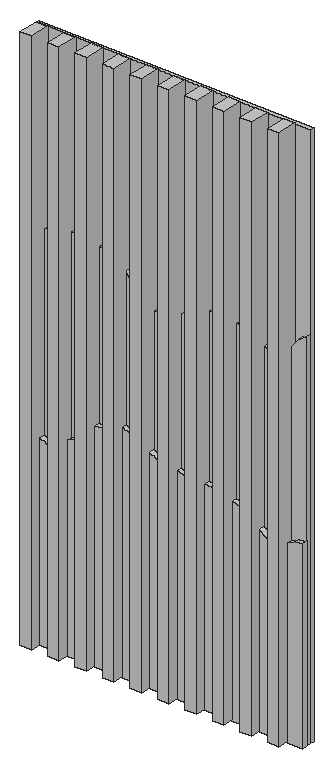
Revit family "MIRAGE_RFA", category Modelos genéricos, Revit 2022 (continued)
Forms (in)
  Extrusion 208, solid, not visible
    from 0 to 96.9361
  Extrusion 209, solid, not visible
    sketch origin (0, 48, 0) x (0, 1, 0) y (0, 0, 1)
      loop
        line (0.42221, 1.66259) -> (0.42231, 0.67354)
        arc (0.42231, 0.67354) -> (0.41009, 0.64403) -> (0.38057, 0.6318) r 0.04174
        line (0.38057, 0.6318) -> (-0.00639, 0.6318) -> (-0.00639, 0.59057) -> (0.8874, 0.59057) -> (0.8874, 0.6318) -> (0.49998, 0.6318)
        arc (0.49998, 0.6318) -> (0.47046, 0.64403) -> (0.45824, 0.67354) r 0.04174
        line (0.45824, 0.67354) -> (0.45834, 1.66259)
        arc (0.45834, 1.66259) -> (0.46543, 1.67969) -> (0.48252, 1.68677) r 0.02418
        line (0.48252, 1.68677) -> (0.52252, 1.68677)
        arc (0.52252, 1.68677) -> (0.55303, 1.69941) -> (0.56566, 1.72991) r 0.04314
        line (0.56566, 1.72991) -> (0.56566, 2.14095)
        arc (0.56566, 2.14095) -> (0.5626, 2.15637) -> (0.55386, 2.16944) r 0.04029
        line (0.55386, 2.16944) -> (0.47053, 2.25277)
        arc (0.47053, 2.25277) -> (0.44027, 2.2653) -> (0.41002, 2.25277) r 0.04279
        line (0.41002, 2.25277) -> (0.32669, 2.16944)
        arc (0.32669, 2.16944) -> (0.31795, 2.15637) -> (0.31489, 2.14095) r 0.04029
        line (0.31489, 2.14095) -> (0.31489, 1.72991)
        arc (0.31489, 1.72991) -> (0.32752, 1.69941) -> (0.35803, 1.68677) r 0.04314
        line (0.35803, 1.68677) -> (0.39803, 1.68677)
        arc (0.39803, 1.68677) -> (0.41512, 1.67969) -> (0.42221, 1.66259) r 0.02418
      loop
        arc (0.33294, 1.7291) -> (0.34005, 1.71194) -> (0.35722, 1.70483) r 0.02428
        line (0.35722, 1.70483) -> (0.39815, 1.70483)
        arc (0.39815, 1.70483) -> (0.42797, 1.69248) -> (0.44023, 1.66266) r 0.04217
        arc (0.44023, 1.66266) -> (0.45258, 1.69248) -> (0.4824, 1.70483) r 0.04217
        line (0.4824, 1.70483) -> (0.52333, 1.70483)
        arc (0.52333, 1.70483) -> (0.54049, 1.71194) -> (0.54761, 1.7291) r 0.02428
        line (0.54761, 1.7291) -> (0.54761, 2.15016) -> (0.45704, 2.24072)
        arc (0.45704, 2.24072) -> (0.44027, 2.24767) -> (0.42351, 2.24072) r 0.02371
        line (0.42351, 2.24072) -> (0.33294, 2.15016) -> (0.33294, 1.7291)
    from 0 to 96.9361
  Extrusion 210, solid, not visible
    sketch origin (0, 72, 0) x (0, 1, 0) y (0, 0, 1)
      loop
        line (0.42221, 1.66259) -> (0.42231, 0.67354)
        arc (0.42231, 0.67354) -> (0.41009, 0.64403) -> (0.38057, 0.6318) r 0.04174
        line (0.38057, 0.6318) -> (-0.00639, 0.6318) -> (-0.00639, 0.59057) -> (0.8874, 0.59057) -> (0.8874, 0.6318) -> (0.49998, 0.6318)
        arc (0.49998, 0.6318) -> (0.47046, 0.64403) -> (0.45824, 0.67354) r 0.04174
        line (0.45824, 0.67354) -> (0.45834, 1.66259)
        arc (0.45834, 1.66259) -> (0.46543, 1.67969) -> (0.48252, 1.68677) r 0.02418
        line (0.48252, 1.68677) -> (0.52252, 1.68677)
        arc (0.52252, 1.68677) -> (0.55303, 1.69941) -> (0.56566, 1.72991) r 0.04314
        line (0.56566, 1.72991) -> (0.56566, 2.14095)
        arc (0.56566, 2.14095) -> (0.5626, 2.15637) -> (0.55386, 2.16944) r 0.04029
        line (0.55386, 2.16944) -> (0.47053, 2.25277)
        arc (0.47053, 2.25277) -> (0.44027, 2.2653) -> (0.41002, 2.25277) r 0.04279
        line (0.41002, 2.25277) -> (0.32669, 2.16944)
        arc (0.32669, 2.16944) -> (0.31795, 2.15637) -> (0.31489, 2.14095) r 0.04029
        line (0.31489, 2.14095) -> (0.31489, 1.72991)
        arc (0.31489, 1.72991) -> (0.32752, 1.69941) -> (0.35803, 1.68677) r 0.04314
        line (0.35803, 1.68677) -> (0.39803, 1.68677)
        arc (0.39803, 1.68677) -> (0.41512, 1.67969) -> (0.42221, 1.66259) r 0.02418
      loop
        arc (0.33294, 1.7291) -> (0.34005, 1.71194) -> (0.35722, 1.70483) r 0.02428
        line (0.35722, 1.70483) -> (0.39815, 1.70483)
        arc (0.39815, 1.70483) -> (0.42797, 1.69248) -> (0.44023, 1.66266) r 0.04217
        arc (0.44023, 1.66266) -> (0.45258, 1.69248) -> (0.4824, 1.70483) r 0.04217
        line (0.4824, 1.70483) -> (0.52333, 1.70483)
        arc (0.52333, 1.70483) -> (0.54049, 1.71194) -> (0.54761, 1.7291) r 0.02428
        line (0.54761, 1.7291) -> (0.54761, 2.15016) -> (0.45704, 2.24072)
        arc (0.45704, 2.24072) -> (0.44027, 2.24767) -> (0.42351, 2.24072) r 0.02371
        line (0.42351, 2.24072) -> (0.33294, 2.15016) -> (0.33294, 1.7291)
    from 0 to 96.9361
  Extrusion 211, solid, not visible
    sketch origin (0, 96, 0) x (0, 1, 0) y (0, 0, 1)
      loop
        line (0.42221, 1.66259) -> (0.42231, 0.67354)
        arc (0.42231, 0.67354) -> (0.41009, 0.64403) -> (0.38057, 0.6318) r 0.04174
        line (0.38057, 0.6318) -> (-0.00639, 0.6318) -> (-0.00639, 0.59057) -> (0.8874, 0.59057) -> (0.8874, 0.6318) -> (0.49998, 0.6318)
        arc (0.49998, 0.6318) -> (0.47046, 0.64403) -> (0.45824, 0.67354) r 0.04174
        line (0.45824, 0.67354) -> (0.45834, 1.66259)
        arc (0.45834, 1.66259) -> (0.46543, 1.67969) -> (0.48252, 1.68677) r 0.02418
        line (0.48252, 1.68677) -> (0.52252, 1.68677)
        arc (0.52252, 1.68677) -> (0.55303, 1.69941) -> (0.56566, 1.72991) r 0.04314
        line (0.56566, 1.72991) -> (0.56566, 2.14095)
        arc (0.56566, 2.14095) -> (0.5626, 2.15637) -> (0.55386, 2.16944) r 0.04029
        line (0.55386, 2.16944) -> (0.47053, 2.25277)
        arc (0.47053, 2.25277) -> (0.44027, 2.2653) -> (0.41002, 2.25277) r 0.04279
        line (0.41002, 2.25277) -> (0.32669, 2.16944)
        arc (0.32669, 2.16944) -> (0.31795, 2.15637) -> (0.31489, 2.14095) r 0.04029
        line (0.31489, 2.14095) -> (0.31489, 1.72991)
        arc (0.31489, 1.72991) -> (0.32752, 1.69941) -> (0.35803, 1.68677) r 0.04314
        line (0.35803, 1.68677) -> (0.39803, 1.68677)
        arc (0.39803, 1.68677) -> (0.41512, 1.67969) -> (0.42221, 1.66259) r 0.02418
      loop
        arc (0.33294, 1.7291) -> (0.34005, 1.71194) -> (0.35722, 1.70483) r 0.02428
        line (0.35722, 1.70483) -> (0.39815, 1.70483)
        arc (0.39815, 1.70483) -> (0.42797, 1.69248) -> (0.44023, 1.66266) r 0.04217
        arc (0.44023, 1.66266) -> (0.45258, 1.69248) -> (0.4824, 1.70483) r 0.04217
        line (0.4824, 1.70483) -> (0.52333, 1.70483)
        arc (0.52333, 1.70483) -> (0.54049, 1.71194) -> (0.54761, 1.7291) r 0.02428
        line (0.54761, 1.7291) -> (0.54761, 2.15016) -> (0.45704, 2.24072)
        arc (0.45704, 2.24072) -> (0.44027, 2.24767) -> (0.42351, 2.24072) r 0.02371
        line (0.42351, 2.24072) -> (0.33294, 2.15016) -> (0.33294, 1.7291)
    from 0 to 96.9361
  Extrusion 212, solid, not visible
    sketch origin (48.02754, 154.90856, 0) x (1, 0, 0) y (0, 0, 1)
      loop
        line (0.42221, 1.66259) -> (0.42231, 0.67354)
        arc (0.42231, 0.67354) -> (0.41009, 0.64403) -> (0.38057, 0.6318) r 0.04174
        line (0.38057, 0.6318) -> (-0.00639, 0.6318) -> (-0.00639, 0.59057) -> (0.8874, 0.59057) -> (0.8874, 0.6318) -> (0.49998, 0.6318)
        arc (0.49998, 0.6318) -> (0.47046, 0.64403) -> (0.45824, 0.67354) r 0.04174
        line (0.45824, 0.67354) -> (0.45834, 1.66259)
        arc (0.45834, 1.66259) -> (0.46543, 1.67969) -> (0.48252, 1.68677) r 0.02418
        line (0.48252, 1.68677) -> (0.52252, 1.68677)
        arc (0.52252, 1.68677) -> (0.55303, 1.69941) -> (0.56566, 1.72991) r 0.04314
        line (0.56566, 1.72991) -> (0.56566, 2.14095)
        arc (0.56566, 2.14095) -> (0.5626, 2.15637) -> (0.55386, 2.16944) r 0.04029
        line (0.55386, 2.16944) -> (0.47053, 2.25277)
        arc (0.47053, 2.25277) -> (0.44027, 2.2653) -> (0.41002, 2.25277) r 0.04279
        line (0.41002, 2.25277) -> (0.32669, 2.16944)
        arc (0.32669, 2.16944) -> (0.31795, 2.15637) -> (0.31489, 2.14095) r 0.04029
        line (0.31489, 2.14095) -> (0.31489, 1.72991)
        arc (0.31489, 1.72991) -> (0.32752, 1.69941) -> (0.35803, 1.68677) r 0.04314
        line (0.35803, 1.68677) -> (0.39803, 1.68677)
        arc (0.39803, 1.68677) -> (0.41512, 1.67969) -> (0.42221, 1.66259) r 0.02418
      loop
        arc (0.33294, 1.7291) -> (0.34005, 1.71194) -> (0.35722, 1.70483) r 0.02428
        line (0.35722, 1.70483) -> (0.39815, 1.70483)
        arc (0.39815, 1.70483) -> (0.42797, 1.69248) -> (0.44023, 1.66266) r 0.04217
        arc (0.44023, 1.66266) -> (0.45258, 1.69248) -> (0.4824, 1.70483) r 0.04217
        line (0.4824, 1.70483) -> (0.52333, 1.70483)
        arc (0.52333, 1.70483) -> (0.54049, 1.71194) -> (0.54761, 1.7291) r 0.02428
        line (0.54761, 1.7291) -> (0.54761, 2.15016) -> (0.45704, 2.24072)
        arc (0.45704, 2.24072) -> (0.44027, 2.24767) -> (0.42351, 2.24072) r 0.02371
        line (0.42351, 2.24072) -> (0.33294, 2.15016) -> (0.33294, 1.7291)
    from 58.93614 to 81.99864
  Extrusion 213, solid, not visible
    sketch origin (72.02767, 154.90856, 0) x (1, 0, 0) y (0, 0, 1)
      loop
        line (0.42221, 1.66259) -> (0.42231, 0.67354)
        arc (0.42231, 0.67354) -> (0.41009, 0.64403) -> (0.38057, 0.6318) r 0.04174
        line (0.38057, 0.6318) -> (-0.00639, 0.6318) -> (-0.00639, 0.59057) -> (0.8874, 0.59057) -> (0.8874, 0.6318) -> (0.49998, 0.6318)
        arc (0.49998, 0.6318) -> (0.47046, 0.64403) -> (0.45824, 0.67354) r 0.04174
        line (0.45824, 0.67354) -> (0.45834, 1.66259)
        arc (0.45834, 1.66259) -> (0.46543, 1.67969) -> (0.48252, 1.68677) r 0.02418
        line (0.48252, 1.68677) -> (0.52252, 1.68677)
        arc (0.52252, 1.68677) -> (0.55303, 1.69941) -> (0.56566, 1.72991) r 0.04314
        line (0.56566, 1.72991) -> (0.56566, 2.14095)
        arc (0.56566, 2.14095) -> (0.5626, 2.15637) -> (0.55386, 2.16944) r 0.04029
        line (0.55386, 2.16944) -> (0.47053, 2.25277)
        arc (0.47053, 2.25277) -> (0.44027, 2.2653) -> (0.41002, 2.25277) r 0.04279
        line (0.41002, 2.25277) -> (0.32669, 2.16944)
        arc (0.32669, 2.16944) -> (0.31795, 2.15637) -> (0.31489, 2.14095) r 0.04029
        line (0.31489, 2.14095) -> (0.31489, 1.72991)
        arc (0.31489, 1.72991) -> (0.32752, 1.69941) -> (0.35803, 1.68677) r 0.04314
        line (0.35803, 1.68677) -> (0.39803, 1.68677)
        arc (0.39803, 1.68677) -> (0.41512, 1.67969) -> (0.42221, 1.66259) r 0.02418
      loop
        arc (0.33294, 1.7291) -> (0.34005, 1.71194) -> (0.35722, 1.70483) r 0.02428
        line (0.35722, 1.70483) -> (0.39815, 1.70483)
        arc (0.39815, 1.70483) -> (0.42797, 1.69248) -> (0.44023, 1.66266) r 0.04217
        arc (0.44023, 1.66266) -> (0.45258, 1.69248) -> (0.4824, 1.70483) r 0.04217
        line (0.4824, 1.70483) -> (0.52333, 1.70483)
        arc (0.52333, 1.70483) -> (0.54049, 1.71194) -> (0.54761, 1.7291) r 0.02428
        line (0.54761, 1.7291) -> (0.54761, 2.15016) -> (0.45704, 2.24072)
        arc (0.45704, 2.24072) -> (0.44027, 2.24767) -> (0.42351, 2.24072) r 0.02371
        line (0.42351, 2.24072) -> (0.33294, 2.15016) -> (0.33294, 1.7291)
    from 58.93614 to 81.99864
  Extrusion 214, solid, not visible
    sketch origin (96.02767, 154.90856, 0) x (1, 0, 0) y (0, 0, 1)
      loop
        line (0.42221, 1.66259) -> (0.42231, 0.67354)
        arc (0.42231, 0.67354) -> (0.41009, 0.64403) -> (0.38057, 0.6318) r 0.04174
        line (0.38057, 0.6318) -> (-0.00639, 0.6318) -> (-0.00639, 0.59057) -> (0.8874, 0.59057) -> (0.8874, 0.6318) -> (0.49998, 0.6318)
        arc (0.49998, 0.6318) -> (0.47046, 0.64403) -> (0.45824, 0.67354) r 0.04174
        line (0.45824, 0.67354) -> (0.45834, 1.66259)
        arc (0.45834, 1.66259) -> (0.46543, 1.67969) -> (0.48252, 1.68677) r 0.02418
        line (0.48252, 1.68677) -> (0.52252, 1.68677)
        arc (0.52252, 1.68677) -> (0.55303, 1.69941) -> (0.56566, 1.72991) r 0.04314
        line (0.56566, 1.72991) -> (0.56566, 2.14095)
        arc (0.56566, 2.14095) -> (0.5626, 2.15637) -> (0.55386, 2.16944) r 0.04029
        line (0.55386, 2.16944) -> (0.47053, 2.25277)
        arc (0.47053, 2.25277) -> (0.44027, 2.2653) -> (0.41002, 2.25277) r 0.04279
        line (0.41002, 2.25277) -> (0.32669, 2.16944)
        arc (0.32669, 2.16944) -> (0.31795, 2.15637) -> (0.31489, 2.14095) r 0.04029
        line (0.31489, 2.14095) -> (0.31489, 1.72991)
        arc (0.31489, 1.72991) -> (0.32752, 1.69941) -> (0.35803, 1.68677) r 0.04314
        line (0.35803, 1.68677) -> (0.39803, 1.68677)
        arc (0.39803, 1.68677) -> (0.41512, 1.67969) -> (0.42221, 1.66259) r 0.02418
      loop
        arc (0.33294, 1.7291) -> (0.34005, 1.71194) -> (0.35722, 1.70483) r 0.02428
        line (0.35722, 1.70483) -> (0.39815, 1.70483)
        arc (0.39815, 1.70483) -> (0.42797, 1.69248) -> (0.44023, 1.66266) r 0.04217
        arc (0.44023, 1.66266) -> (0.45258, 1.69248) -> (0.4824, 1.70483) r 0.04217
        line (0.4824, 1.70483) -> (0.52333, 1.70483)
        arc (0.52333, 1.70483) -> (0.54049, 1.71194) -> (0.54761, 1.7291) r 0.02428
        line (0.54761, 1.7291) -> (0.54761, 2.15016) -> (0.45704, 2.24072)
        arc (0.45704, 2.24072) -> (0.44027, 2.24767) -> (0.42351, 2.24072) r 0.02371
        line (0.42351, 2.24072) -> (0.33294, 2.15016) -> (0.33294, 1.7291)
    from 58.93614 to 81.99864
  Extrusion 215, solid, not visible
    sketch origin (24.02767, 154.90856, 0) x (1, 0, 0) y (0, 0, 1)
      loop
        line (0.42221, 1.66259) -> (0.42231, 0.67354)
        arc (0.42231, 0.67354) -> (0.41009, 0.64403) -> (0.38057, 0.6318) r 0.04174
        line (0.38057, 0.6318) -> (-0.00639, 0.6318) -> (-0.00639, 0.59057) -> (0.8874, 0.59057) -> (0.8874, 0.6318) -> (0.49998, 0.6318)
        arc (0.49998, 0.6318) -> (0.47046, 0.64403) -> (0.45824, 0.67354) r 0.04174
        line (0.45824, 0.67354) -> (0.45834, 1.66259)
        arc (0.45834, 1.66259) -> (0.46543, 1.67969) -> (0.48252, 1.68677) r 0.02418
        line (0.48252, 1.68677) -> (0.52252, 1.68677)
        arc (0.52252, 1.68677) -> (0.55303, 1.69941) -> (0.56566, 1.72991) r 0.04314
        line (0.56566, 1.72991) -> (0.56566, 2.14095)
        arc (0.56566, 2.14095) -> (0.5626, 2.15637) -> (0.55386, 2.16944) r 0.04029
        line (0.55386, 2.16944) -> (0.47053, 2.25277)
        arc (0.47053, 2.25277) -> (0.44027, 2.2653) -> (0.41002, 2.25277) r 0.04279
        line (0.41002, 2.25277) -> (0.32669, 2.16944)
        arc (0.32669, 2.16944) -> (0.31795, 2.15637) -> (0.31489, 2.14095) r 0.04029
        line (0.31489, 2.14095) -> (0.31489, 1.72991)
        arc (0.31489, 1.72991) -> (0.32752, 1.69941) -> (0.35803, 1.68677) r 0.04314
        line (0.35803, 1.68677) -> (0.39803, 1.68677)
        arc (0.39803, 1.68677) -> (0.41512, 1.67969) -> (0.42221, 1.66259) r 0.02418
      loop
        arc (0.33294, 1.7291) -> (0.34005, 1.71194) -> (0.35722, 1.70483) r 0.02428
        line (0.35722, 1.70483) -> (0.39815, 1.70483)
        arc (0.39815, 1.70483) -> (0.42797, 1.69248) -> (0.44023, 1.66266) r 0.04217
        arc (0.44023, 1.66266) -> (0.45258, 1.69248) -> (0.4824, 1.70483) r 0.04217
        line (0.4824, 1.70483) -> (0.52333, 1.70483)
        arc (0.52333, 1.70483) -> (0.54049, 1.71194) -> (0.54761, 1.7291) r 0.02428
        line (0.54761, 1.7291) -> (0.54761, 2.15016) -> (0.45704, 2.24072)
        arc (0.45704, 2.24072) -> (0.44027, 2.24767) -> (0.42351, 2.24072) r 0.02371
        line (0.42351, 2.24072) -> (0.33294, 2.15016) -> (0.33294, 1.7291)
    from 58.93614 to 81.99864
  Extrusion 216, solid, not visible
    sketch origin (0.02767, 154.90856, 0) x (1, 0, 0) y (0, 0, 1)
      loop
        line (0.42221, 1.66259) -> (0.42231, 0.67354)
        arc (0.42231, 0.67354) -> (0.41009, 0.64403) -> (0.38057, 0.6318) r 0.04174
        line (0.38057, 0.6318) -> (-0.00639, 0.6318) -> (-0.00639, 0.59057) -> (0.8874, 0.59057) -> (0.8874, 0.6318) -> (0.49998, 0.6318)
        arc (0.49998, 0.6318) -> (0.47046, 0.64403) -> (0.45824, 0.67354) r 0.04174
        line (0.45824, 0.67354) -> (0.45834, 1.66259)
        arc (0.45834, 1.66259) -> (0.46543, 1.67969) -> (0.48252, 1.68677) r 0.02418
        line (0.48252, 1.68677) -> (0.52252, 1.68677)
        arc (0.52252, 1.68677) -> (0.55303, 1.69941) -> (0.56566, 1.72991) r 0.04314
        line (0.56566, 1.72991) -> (0.56566, 2.14095)
        arc (0.56566, 2.14095) -> (0.5626, 2.15637) -> (0.55386, 2.16944) r 0.04029
        line (0.55386, 2.16944) -> (0.47053, 2.25277)
        arc (0.47053, 2.25277) -> (0.44027, 2.2653) -> (0.41002, 2.25277) r 0.04279
        line (0.41002, 2.25277) -> (0.32669, 2.16944)
        arc (0.32669, 2.16944) -> (0.31795, 2.15637) -> (0.31489, 2.14095) r 0.04029
        line (0.31489, 2.14095) -> (0.31489, 1.72991)
        arc (0.31489, 1.72991) -> (0.32752, 1.69941) -> (0.35803, 1.68677) r 0.04314
        line (0.35803, 1.68677) -> (0.39803, 1.68677)
        arc (0.39803, 1.68677) -> (0.41512, 1.67969) -> (0.42221, 1.66259) r 0.02418
      loop
        arc (0.33294, 1.7291) -> (0.34005, 1.71194) -> (0.35722, 1.70483) r 0.02428
        line (0.35722, 1.70483) -> (0.39815, 1.70483)
        arc (0.39815, 1.70483) -> (0.42797, 1.69248) -> (0.44023, 1.66266) r 0.04217
        arc (0.44023, 1.66266) -> (0.45258, 1.69248) -> (0.4824, 1.70483) r 0.04217
        line (0.4824, 1.70483) -> (0.52333, 1.70483)
        arc (0.52333, 1.70483) -> (0.54049, 1.71194) -> (0.54761, 1.7291) r 0.02428
        line (0.54761, 1.7291) -> (0.54761, 2.15016) -> (0.45704, 2.24072)
        arc (0.45704, 2.24072) -> (0.44027, 2.24767) -> (0.42351, 2.24072) r 0.02371
        line (0.42351, 2.24072) -> (0.33294, 2.15016) -> (0.33294, 1.7291)
    from 58.93614 to 81.99864
  Extrusion 217, solid, not visible
    sketch origin (48.02754, 130.90855, 0) x (1, 0, 0) y (0, 0, 1)
      loop
        line (0.42221, 1.66259) -> (0.42231, 0.67354)
        arc (0.42231, 0.67354) -> (0.41009, 0.64403) -> (0.38057, 0.6318) r 0.04174
        line (0.38057, 0.6318) -> (-0.00639, 0.6318) -> (-0.00639, 0.59057) -> (0.8874, 0.59057) -> (0.8874, 0.6318) -> (0.49998, 0.6318)
        arc (0.49998, 0.6318) -> (0.47046, 0.64403) -> (0.45824, 0.67354) r 0.04174
        line (0.45824, 0.67354) -> (0.45834, 1.66259)
        arc (0.45834, 1.66259) -> (0.46543, 1.67969) -> (0.48252, 1.68677) r 0.02418
        line (0.48252, 1.68677) -> (0.52252, 1.68677)
        arc (0.52252, 1.68677) -> (0.55303, 1.69941) -> (0.56566, 1.72991) r 0.04314
        line (0.56566, 1.72991) -> (0.56566, 2.14095)
        arc (0.56566, 2.14095) -> (0.5626, 2.15637) -> (0.55386, 2.16944) r 0.04029
        line (0.55386, 2.16944) -> (0.47053, 2.25277)
        arc (0.47053, 2.25277) -> (0.44027, 2.2653) -> (0.41002, 2.25277) r 0.04279
        line (0.41002, 2.25277) -> (0.32669, 2.16944)
        arc (0.32669, 2.16944) -> (0.31795, 2.15637) -> (0.31489, 2.14095) r 0.04029
        line (0.31489, 2.14095) -> (0.31489, 1.72991)
        arc (0.31489, 1.72991) -> (0.32752, 1.69941) -> (0.35803, 1.68677) r 0.04314
        line (0.35803, 1.68677) -> (0.39803, 1.68677)
        arc (0.39803, 1.68677) -> (0.41512, 1.67969) -> (0.42221, 1.66259) r 0.02418
      loop
        arc (0.33294, 1.7291) -> (0.34005, 1.71194) -> (0.35722, 1.70483) r 0.02428
        line (0.35722, 1.70483) -> (0.39815, 1.70483)
        arc (0.39815, 1.70483) -> (0.42797, 1.69248) -> (0.44023, 1.66266) r 0.04217
        arc (0.44023, 1.66266) -> (0.45258, 1.69248) -> (0.4824, 1.70483) r 0.04217
        line (0.4824, 1.70483) -> (0.52333, 1.70483)
        arc (0.52333, 1.70483) -> (0.54049, 1.71194) -> (0.54761, 1.7291) r 0.02428
        line (0.54761, 1.7291) -> (0.54761, 2.15016) -> (0.45704, 2.24072)
        arc (0.45704, 2.24072) -> (0.44027, 2.24767) -> (0.42351, 2.24072) r 0.02371
        line (0.42351, 2.24072) -> (0.33294, 2.15016) -> (0.33294, 1.7291)
    from 58.93614 to 81.99864
  Extrusion 218, solid, not visible
    sketch origin (72.02767, 130.90855, 0) x (1, 0, 0) y (0, 0, 1)
      loop
        line (0.42221, 1.66259) -> (0.42231, 0.67354)
        arc (0.42231, 0.67354) -> (0.41009, 0.64403) -> (0.38057, 0.6318) r 0.04174
        line (0.38057, 0.6318) -> (-0.00639, 0.6318) -> (-0.00639, 0.59057) -> (0.8874, 0.59057) -> (0.8874, 0.6318) -> (0.49998, 0.6318)
        arc (0.49998, 0.6318) -> (0.47046, 0.64403) -> (0.45824, 0.67354) r 0.04174
        line (0.45824, 0.67354) -> (0.45834, 1.66259)
        arc (0.45834, 1.66259) -> (0.46543, 1.67969) -> (0.48252, 1.68677) r 0.02418
        line (0.48252, 1.68677) -> (0.52252, 1.68677)
        arc (0.52252, 1.68677) -> (0.55303, 1.69941) -> (0.56566, 1.72991) r 0.04314
        line (0.56566, 1.72991) -> (0.56566, 2.14095)
        arc (0.56566, 2.14095) -> (0.5626, 2.15637) -> (0.55386, 2.16944) r 0.04029
        line (0.55386, 2.16944) -> (0.47053, 2.25277)
        arc (0.47053, 2.25277) -> (0.44027, 2.2653) -> (0.41002, 2.25277) r 0.04279
        line (0.41002, 2.25277) -> (0.32669, 2.16944)
        arc (0.32669, 2.16944) -> (0.31795, 2.15637) -> (0.31489, 2.14095) r 0.04029
        line (0.31489, 2.14095) -> (0.31489, 1.72991)
        arc (0.31489, 1.72991) -> (0.32752, 1.69941) -> (0.35803, 1.68677) r 0.04314
        line (0.35803, 1.68677) -> (0.39803, 1.68677)
        arc (0.39803, 1.68677) -> (0.41512, 1.67969) -> (0.42221, 1.66259) r 0.02418
      loop
        arc (0.33294, 1.7291) -> (0.34005, 1.71194) -> (0.35722, 1.70483) r 0.02428
        line (0.35722, 1.70483) -> (0.39815, 1.70483)
        arc (0.39815, 1.70483) -> (0.42797, 1.69248) -> (0.44023, 1.66266) r 0.04217
        arc (0.44023, 1.66266) -> (0.45258, 1.69248) -> (0.4824, 1.70483) r 0.04217
        line (0.4824, 1.70483) -> (0.52333, 1.70483)
        arc (0.52333, 1.70483) -> (0.54049, 1.71194) -> (0.54761, 1.7291) r 0.02428
        line (0.54761, 1.7291) -> (0.54761, 2.15016) -> (0.45704, 2.24072)
        arc (0.45704, 2.24072) -> (0.44027, 2.24767) -> (0.42351, 2.24072) r 0.02371
        line (0.42351, 2.24072) -> (0.33294, 2.15016) -> (0.33294, 1.7291)
    from 58.93614 to 81.99864
  Extrusion 219, solid, not visible
    sketch origin (96.02767, 130.90855, 0) x (1, 0, 0) y (0, 0, 1)
      loop
        line (0.42221, 1.66259) -> (0.42231, 0.67354)
        arc (0.42231, 0.67354) -> (0.41009, 0.64403) -> (0.38057, 0.6318) r 0.04174
        line (0.38057, 0.6318) -> (-0.00639, 0.6318) -> (-0.00639, 0.59057) -> (0.8874, 0.59057) -> (0.8874, 0.6318) -> (0.49998, 0.6318)
        arc (0.49998, 0.6318) -> (0.47046, 0.64403) -> (0.45824, 0.67354) r 0.04174
        line (0.45824, 0.67354) -> (0.45834, 1.66259)
        arc (0.45834, 1.66259) -> (0.46543, 1.67969) -> (0.48252, 1.68677) r 0.02418
        line (0.48252, 1.68677) -> (0.52252, 1.68677)
        arc (0.52252, 1.68677) -> (0.55303, 1.69941) -> (0.56566, 1.72991) r 0.04314
        line (0.56566, 1.72991) -> (0.56566, 2.14095)
        arc (0.56566, 2.14095) -> (0.5626, 2.15637) -> (0.55386, 2.16944) r 0.04029
        line (0.55386, 2.16944) -> (0.47053, 2.25277)
        arc (0.47053, 2.25277) -> (0.44027, 2.2653) -> (0.41002, 2.25277) r 0.04279
        line (0.41002, 2.25277) -> (0.32669, 2.16944)
        arc (0.32669, 2.16944) -> (0.31795, 2.15637) -> (0.31489, 2.14095) r 0.04029
        line (0.31489, 2.14095) -> (0.31489, 1.72991)
        arc (0.31489, 1.72991) -> (0.32752, 1.69941) -> (0.35803, 1.68677) r 0.04314
        line (0.35803, 1.68677) -> (0.39803, 1.68677)
        arc (0.39803, 1.68677) -> (0.41512, 1.67969) -> (0.42221, 1.66259) r 0.02418
      loop
        arc (0.33294, 1.7291) -> (0.34005, 1.71194) -> (0.35722, 1.70483) r 0.02428
        line (0.35722, 1.70483) -> (0.39815, 1.70483)
        arc (0.39815, 1.70483) -> (0.42797, 1.69248) -> (0.44023, 1.66266) r 0.04217
        arc (0.44023, 1.66266) -> (0.45258, 1.69248) -> (0.4824, 1.70483) r 0.04217
        line (0.4824, 1.70483) -> (0.52333, 1.70483)
        arc (0.52333, 1.70483) -> (0.54049, 1.71194) -> (0.54761, 1.7291) r 0.02428
        line (0.54761, 1.7291) -> (0.54761, 2.15016) -> (0.45704, 2.24072)
        arc (0.45704, 2.24072) -> (0.44027, 2.24767) -> (0.42351, 2.24072) r 0.02371
        line (0.42351, 2.24072) -> (0.33294, 2.15016) -> (0.33294, 1.7291)
    from 58.93614 to 81.99864
  Extrusion 220, solid, not visible
    sketch origin (24.02767, 130.90855, 0) x (1, 0, 0) y (0, 0, 1)
      loop
        line (0.42221, 1.66259) -> (0.42231, 0.67354)
        arc (0.42231, 0.67354) -> (0.41009, 0.64403) -> (0.38057, 0.6318) r 0.04174
        line (0.38057, 0.6318) -> (-0.00639, 0.6318) -> (-0.00639, 0.59057) -> (0.8874, 0.59057) -> (0.8874, 0.6318) -> (0.49998, 0.6318)
        arc (0.49998, 0.6318) -> (0.47046, 0.64403) -> (0.45824, 0.67354) r 0.04174
        line (0.45824, 0.67354) -> (0.45834, 1.66259)
        arc (0.45834, 1.66259) -> (0.46543, 1.67969) -> (0.48252, 1.68677) r 0.02418
        line (0.48252, 1.68677) -> (0.52252, 1.68677)
        arc (0.52252, 1.68677) -> (0.55303, 1.69941) -> (0.56566, 1.72991) r 0.04314
        line (0.56566, 1.72991) -> (0.56566, 2.14095)
        arc (0.56566, 2.14095) -> (0.5626, 2.15637) -> (0.55386, 2.16944) r 0.04029
        line (0.55386, 2.16944) -> (0.47053, 2.25277)
        arc (0.47053, 2.25277) -> (0.44027, 2.2653) -> (0.41002, 2.25277) r 0.04279
        line (0.41002, 2.25277) -> (0.32669, 2.16944)
        arc (0.32669, 2.16944) -> (0.31795, 2.15637) -> (0.31489, 2.14095) r 0.04029
        line (0.31489, 2.14095) -> (0.31489, 1.72991)
        arc (0.31489, 1.72991) -> (0.32752, 1.69941) -> (0.35803, 1.68677) r 0.04314
        line (0.35803, 1.68677) -> (0.39803, 1.68677)
        arc (0.39803, 1.68677) -> (0.41512, 1.67969) -> (0.42221, 1.66259) r 0.02418
      loop
        arc (0.33294, 1.7291) -> (0.34005, 1.71194) -> (0.35722, 1.70483) r 0.02428
        line (0.35722, 1.70483) -> (0.39815, 1.70483)
        arc (0.39815, 1.70483) -> (0.42797, 1.69248) -> (0.44023, 1.66266) r 0.04217
        arc (0.44023, 1.66266) -> (0.45258, 1.69248) -> (0.4824, 1.70483) r 0.04217
        line (0.4824, 1.70483) -> (0.52333, 1.70483)
        arc (0.52333, 1.70483) -> (0.54049, 1.71194) -> (0.54761, 1.7291) r 0.02428
        line (0.54761, 1.7291) -> (0.54761, 2.15016) -> (0.45704, 2.24072)
        arc (0.45704, 2.24072) -> (0.44027, 2.24767) -> (0.42351, 2.24072) r 0.02371
        line (0.42351, 2.24072) -> (0.33294, 2.15016) -> (0.33294, 1.7291)
    from 58.93614 to 81.99864
  Extrusion 221, solid, not visible
    sketch origin (0.02767, 130.90855, 0) x (1, 0, 0) y (0, 0, 1)
      loop
        line (0.42221, 1.66259) -> (0.42231, 0.67354)
        arc (0.42231, 0.67354) -> (0.41009, 0.64403) -> (0.38057, 0.6318) r 0.04174
        line (0.38057, 0.6318) -> (-0.00639, 0.6318) -> (-0.00639, 0.59057) -> (0.8874, 0.59057) -> (0.8874, 0.6318) -> (0.49998, 0.6318)
        arc (0.49998, 0.6318) -> (0.47046, 0.64403) -> (0.45824, 0.67354) r 0.04174
        line (0.45824, 0.67354) -> (0.45834, 1.66259)
        arc (0.45834, 1.66259) -> (0.46543, 1.67969) -> (0.48252, 1.68677) r 0.02418
        line (0.48252, 1.68677) -> (0.52252, 1.68677)
        arc (0.52252, 1.68677) -> (0.55303, 1.69941) -> (0.56566, 1.72991) r 0.04314
        line (0.56566, 1.72991) -> (0.56566, 2.14095)
        arc (0.56566, 2.14095) -> (0.5626, 2.15637) -> (0.55386, 2.16944) r 0.04029
        line (0.55386, 2.16944) -> (0.47053, 2.25277)
        arc (0.47053, 2.25277) -> (0.44027, 2.2653) -> (0.41002, 2.25277) r 0.04279
        line (0.41002, 2.25277) -> (0.32669, 2.16944)
        arc (0.32669, 2.16944) -> (0.31795, 2.15637) -> (0.31489, 2.14095) r 0.04029
        line (0.31489, 2.14095) -> (0.31489, 1.72991)
        arc (0.31489, 1.72991) -> (0.32752, 1.69941) -> (0.35803, 1.68677) r 0.04314
        line (0.35803, 1.68677) -> (0.39803, 1.68677)
        arc (0.39803, 1.68677) -> (0.41512, 1.67969) -> (0.42221, 1.66259) r 0.02418
      loop
        arc (0.33294, 1.7291) -> (0.34005, 1.71194) -> (0.35722, 1.70483) r 0.02428
        line (0.35722, 1.70483) -> (0.39815, 1.70483)
        arc (0.39815, 1.70483) -> (0.42797, 1.69248) -> (0.44023, 1.66266) r 0.04217
        arc (0.44023, 1.66266) -> (0.45258, 1.69248) -> (0.4824, 1.70483) r 0.04217
        line (0.4824, 1.70483) -> (0.52333, 1.70483)
        arc (0.52333, 1.70483) -> (0.54049, 1.71194) -> (0.54761, 1.7291) r 0.02428
        line (0.54761, 1.7291) -> (0.54761, 2.15016) -> (0.45704, 2.24072)
        arc (0.45704, 2.24072) -> (0.44027, 2.24767) -> (0.42351, 2.24072) r 0.02371
        line (0.42351, 2.24072) -> (0.33294, 2.15016) -> (0.33294, 1.7291)
    from 58.93614 to 81.99864
  Extrusion 222, solid, not visible
    sketch origin (48.02754, 106.90856, 0) x (1, 0, 0) y (0, 0, 1)
      loop
        line (0.42221, 1.66259) -> (0.42231, 0.67354)
        arc (0.42231, 0.67354) -> (0.41009, 0.64403) -> (0.38057, 0.6318) r 0.04174
        line (0.38057, 0.6318) -> (-0.00639, 0.6318) -> (-0.00639, 0.59057) -> (0.8874, 0.59057) -> (0.8874, 0.6318) -> (0.49998, 0.6318)
        arc (0.49998, 0.6318) -> (0.47046, 0.64403) -> (0.45824, 0.67354) r 0.04174
        line (0.45824, 0.67354) -> (0.45834, 1.66259)
        arc (0.45834, 1.66259) -> (0.46543, 1.67969) -> (0.48252, 1.68677) r 0.02418
        line (0.48252, 1.68677) -> (0.52252, 1.68677)
        arc (0.52252, 1.68677) -> (0.55303, 1.69941) -> (0.56566, 1.72991) r 0.04314
        line (0.56566, 1.72991) -> (0.56566, 2.14095)
        arc (0.56566, 2.14095) -> (0.5626, 2.15637) -> (0.55386, 2.16944) r 0.04029
        line (0.55386, 2.16944) -> (0.47053, 2.25277)
        arc (0.47053, 2.25277) -> (0.44027, 2.2653) -> (0.41002, 2.25277) r 0.04279
        line (0.41002, 2.25277) -> (0.32669, 2.16944)
        arc (0.32669, 2.16944) -> (0.31795, 2.15637) -> (0.31489, 2.14095) r 0.04029
        line (0.31489, 2.14095) -> (0.31489, 1.72991)
        arc (0.31489, 1.72991) -> (0.32752, 1.69941) -> (0.35803, 1.68677) r 0.04314
        line (0.35803, 1.68677) -> (0.39803, 1.68677)
        arc (0.39803, 1.68677) -> (0.41512, 1.67969) -> (0.42221, 1.66259) r 0.02418
      loop
        arc (0.33294, 1.7291) -> (0.34005, 1.71194) -> (0.35722, 1.70483) r 0.02428
        line (0.35722, 1.70483) -> (0.39815, 1.70483)
        arc (0.39815, 1.70483) -> (0.42797, 1.69248) -> (0.44023, 1.66266) r 0.04217
        arc (0.44023, 1.66266) -> (0.45258, 1.69248) -> (0.4824, 1.70483) r 0.04217
        line (0.4824, 1.70483) -> (0.52333, 1.70483)
        arc (0.52333, 1.70483) -> (0.54049, 1.71194) -> (0.54761, 1.7291) r 0.02428
        line (0.54761, 1.7291) -> (0.54761, 2.15016) -> (0.45704, 2.24072)
        arc (0.45704, 2.24072) -> (0.44027, 2.24767) -> (0.42351, 2.24072) r 0.02371
        line (0.42351, 2.24072) -> (0.33294, 2.15016) -> (0.33294, 1.7291)
    from 58.93614 to 81.99864
  Extrusion 223, solid, not visible
    sketch origin (72.02767, 106.90856, 0) x (1, 0, 0) y (0, 0, 1)
      loop
        line (0.42221, 1.66259) -> (0.42231, 0.67354)
        arc (0.42231, 0.67354) -> (0.41009, 0.64403) -> (0.38057, 0.6318) r 0.04174
        line (0.38057, 0.6318) -> (-0.00639, 0.6318) -> (-0.00639, 0.59057) -> (0.8874, 0.59057) -> (0.8874, 0.6318) -> (0.49998, 0.6318)
        arc (0.49998, 0.6318) -> (0.47046, 0.64403) -> (0.45824, 0.67354) r 0.04174
        line (0.45824, 0.67354) -> (0.45834, 1.66259)
        arc (0.45834, 1.66259) -> (0.46543, 1.67969) -> (0.48252, 1.68677) r 0.02418
        line (0.48252, 1.68677) -> (0.52252, 1.68677)
        arc (0.52252, 1.68677) -> (0.55303, 1.69941) -> (0.56566, 1.72991) r 0.04314
        line (0.56566, 1.72991) -> (0.56566, 2.14095)
        arc (0.56566, 2.14095) -> (0.5626, 2.15637) -> (0.55386, 2.16944) r 0.04029
        line (0.55386, 2.16944) -> (0.47053, 2.25277)
        arc (0.47053, 2.25277) -> (0.44027, 2.2653) -> (0.41002, 2.25277) r 0.04279
        line (0.41002, 2.25277) -> (0.32669, 2.16944)
        arc (0.32669, 2.16944) -> (0.31795, 2.15637) -> (0.31489, 2.14095) r 0.04029
        line (0.31489, 2.14095) -> (0.31489, 1.72991)
        arc (0.31489, 1.72991) -> (0.32752, 1.69941) -> (0.35803, 1.68677) r 0.04314
        line (0.35803, 1.68677) -> (0.39803, 1.68677)
        arc (0.39803, 1.68677) -> (0.41512, 1.67969) -> (0.42221, 1.66259) r 0.02418
      loop
        arc (0.33294, 1.7291) -> (0.34005, 1.71194) -> (0.35722, 1.70483) r 0.02428
        line (0.35722, 1.70483) -> (0.39815, 1.70483)
        arc (0.39815, 1.70483) -> (0.42797, 1.69248) -> (0.44023, 1.66266) r 0.04217
        arc (0.44023, 1.66266) -> (0.45258, 1.69248) -> (0.4824, 1.70483) r 0.04217
        line (0.4824, 1.70483) -> (0.52333, 1.70483)
        arc (0.52333, 1.70483) -> (0.54049, 1.71194) -> (0.54761, 1.7291) r 0.02428
        line (0.54761, 1.7291) -> (0.54761, 2.15016) -> (0.45704, 2.24072)
        arc (0.45704, 2.24072) -> (0.44027, 2.24767) -> (0.42351, 2.24072) r 0.02371
        line (0.42351, 2.24072) -> (0.33294, 2.15016) -> (0.33294, 1.7291)
    from 58.93614 to 81.99864
  Extrusion 224, solid, not visible
    sketch origin (96.02767, 106.90856, 0) x (1, 0, 0) y (0, 0, 1)
      loop
        line (0.42221, 1.66259) -> (0.42231, 0.67354)
        arc (0.42231, 0.67354) -> (0.41009, 0.64403) -> (0.38057, 0.6318) r 0.04174
        line (0.38057, 0.6318) -> (-0.00639, 0.6318) -> (-0.00639, 0.59057) -> (0.8874, 0.59057) -> (0.8874, 0.6318) -> (0.49998, 0.6318)
        arc (0.49998, 0.6318) -> (0.47046, 0.64403) -> (0.45824, 0.67354) r 0.04174
        line (0.45824, 0.67354) -> (0.45834, 1.66259)
        arc (0.45834, 1.66259) -> (0.46543, 1.67969) -> (0.48252, 1.68677) r 0.02418
        line (0.48252, 1.68677) -> (0.52252, 1.68677)
        arc (0.52252, 1.68677) -> (0.55303, 1.69941) -> (0.56566, 1.72991) r 0.04314
        line (0.56566, 1.72991) -> (0.56566, 2.14095)
        arc (0.56566, 2.14095) -> (0.5626, 2.15637) -> (0.55386, 2.16944) r 0.04029
        line (0.55386, 2.16944) -> (0.47053, 2.25277)
        arc (0.47053, 2.25277) -> (0.44027, 2.2653) -> (0.41002, 2.25277) r 0.04279
        line (0.41002, 2.25277) -> (0.32669, 2.16944)
        arc (0.32669, 2.16944) -> (0.31795, 2.15637) -> (0.31489, 2.14095) r 0.04029
        line (0.31489, 2.14095) -> (0.31489, 1.72991)
        arc (0.31489, 1.72991) -> (0.32752, 1.69941) -> (0.35803, 1.68677) r 0.04314
        line (0.35803, 1.68677) -> (0.39803, 1.68677)
        arc (0.39803, 1.68677) -> (0.41512, 1.67969) -> (0.42221, 1.66259) r 0.02418
      loop
        arc (0.33294, 1.7291) -> (0.34005, 1.71194) -> (0.35722, 1.70483) r 0.02428
        line (0.35722, 1.70483) -> (0.39815, 1.70483)
        arc (0.39815, 1.70483) -> (0.42797, 1.69248) -> (0.44023, 1.66266) r 0.04217
        arc (0.44023, 1.66266) -> (0.45258, 1.69248) -> (0.4824, 1.70483) r 0.04217
        line (0.4824, 1.70483) -> (0.52333, 1.70483)
        arc (0.52333, 1.70483) -> (0.54049, 1.71194) -> (0.54761, 1.7291) r 0.02428
        line (0.54761, 1.7291) -> (0.54761, 2.15016) -> (0.45704, 2.24072)
        arc (0.45704, 2.24072) -> (0.44027, 2.24767) -> (0.42351, 2.24072) r 0.02371
        line (0.42351, 2.24072) -> (0.33294, 2.15016) -> (0.33294, 1.7291)
    from 58.93614 to 81.99864
  Extrusion 225, solid, not visible
    sketch origin (24.02767, 106.90856, 0) x (1, 0, 0) y (0, 0, 1)
      loop
        line (0.42221, 1.66259) -> (0.42231, 0.67354)
        arc (0.42231, 0.67354) -> (0.41009, 0.64403) -> (0.38057, 0.6318) r 0.04174
        line (0.38057, 0.6318) -> (-0.00639, 0.6318) -> (-0.00639, 0.59057) -> (0.8874, 0.59057) -> (0.8874, 0.6318) -> (0.49998, 0.6318)
        arc (0.49998, 0.6318) -> (0.47046, 0.64403) -> (0.45824, 0.67354) r 0.04174
        line (0.45824, 0.67354) -> (0.45834, 1.66259)
        arc (0.45834, 1.66259) -> (0.46543, 1.67969) -> (0.48252, 1.68677) r 0.02418
        line (0.48252, 1.68677) -> (0.52252, 1.68677)
        arc (0.52252, 1.68677) -> (0.55303, 1.69941) -> (0.56566, 1.72991) r 0.04314
        line (0.56566, 1.72991) -> (0.56566, 2.14095)
        arc (0.56566, 2.14095) -> (0.5626, 2.15637) -> (0.55386, 2.16944) r 0.04029
        line (0.55386, 2.16944) -> (0.47053, 2.25277)
        arc (0.47053, 2.25277) -> (0.44027, 2.2653) -> (0.41002, 2.25277) r 0.04279
        line (0.41002, 2.25277) -> (0.32669, 2.16944)
        arc (0.32669, 2.16944) -> (0.31795, 2.15637) -> (0.31489, 2.14095) r 0.04029
        line (0.31489, 2.14095) -> (0.31489, 1.72991)
        arc (0.31489, 1.72991) -> (0.32752, 1.69941) -> (0.35803, 1.68677) r 0.04314
        line (0.35803, 1.68677) -> (0.39803, 1.68677)
        arc (0.39803, 1.68677) -> (0.41512, 1.67969) -> (0.42221, 1.66259) r 0.02418
      loop
        arc (0.33294, 1.7291) -> (0.34005, 1.71194) -> (0.35722, 1.70483) r 0.02428
        line (0.35722, 1.70483) -> (0.39815, 1.70483)
        arc (0.39815, 1.70483) -> (0.42797, 1.69248) -> (0.44023, 1.66266) r 0.04217
        arc (0.44023, 1.66266) -> (0.45258, 1.69248) -> (0.4824, 1.70483) r 0.04217
        line (0.4824, 1.70483) -> (0.52333, 1.70483)
        arc (0.52333, 1.70483) -> (0.54049, 1.71194) -> (0.54761, 1.7291) r 0.02428
        line (0.54761, 1.7291) -> (0.54761, 2.15016) -> (0.45704, 2.24072)
        arc (0.45704, 2.24072) -> (0.44027, 2.24767) -> (0.42351, 2.24072) r 0.02371
        line (0.42351, 2.24072) -> (0.33294, 2.15016) -> (0.33294, 1.7291)
    from 58.93614 to 81.99864
  Extrusion 226, solid, not visible
    sketch origin (0.02767, 106.90856, 0) x (1, 0, 0) y (0, 0, 1)
      loop
        line (0.42221, 1.66259) -> (0.42231, 0.67354)
        arc (0.42231, 0.67354) -> (0.41009, 0.64403) -> (0.38057, 0.6318) r 0.04174
        line (0.38057, 0.6318) -> (-0.00639, 0.6318) -> (-0.00639, 0.59057) -> (0.8874, 0.59057) -> (0.8874, 0.6318) -> (0.49998, 0.6318)
        arc (0.49998, 0.6318) -> (0.47046, 0.64403) -> (0.45824, 0.67354) r 0.04174
        line (0.45824, 0.67354) -> (0.45834, 1.66259)
        arc (0.45834, 1.66259) -> (0.46543, 1.67969) -> (0.48252, 1.68677) r 0.02418
        line (0.48252, 1.68677) -> (0.52252, 1.68677)
        arc (0.52252, 1.68677) -> (0.55303, 1.69941) -> (0.56566, 1.72991) r 0.04314
        line (0.56566, 1.72991) -> (0.56566, 2.14095)
        arc (0.56566, 2.14095) -> (0.5626, 2.15637) -> (0.55386, 2.16944) r 0.04029
        line (0.55386, 2.16944) -> (0.47053, 2.25277)
        arc (0.47053, 2.25277) -> (0.44027, 2.2653) -> (0.41002, 2.25277) r 0.04279
        line (0.41002, 2.25277) -> (0.32669, 2.16944)
        arc (0.32669, 2.16944) -> (0.31795, 2.15637) -> (0.31489, 2.14095) r 0.04029
        line (0.31489, 2.14095) -> (0.31489, 1.72991)
        arc (0.31489, 1.72991) -> (0.32752, 1.69941) -> (0.35803, 1.68677) r 0.04314
        line (0.35803, 1.68677) -> (0.39803, 1.68677)
        arc (0.39803, 1.68677) -> (0.41512, 1.67969) -> (0.42221, 1.66259) r 0.02418
      loop
        arc (0.33294, 1.7291) -> (0.34005, 1.71194) -> (0.35722, 1.70483) r 0.02428
        line (0.35722, 1.70483) -> (0.39815, 1.70483)
        arc (0.39815, 1.70483) -> (0.42797, 1.69248) -> (0.44023, 1.66266) r 0.04217
        arc (0.44023, 1.66266) -> (0.45258, 1.69248) -> (0.4824, 1.70483) r 0.04217
        line (0.4824, 1.70483) -> (0.52333, 1.70483)
        arc (0.52333, 1.70483) -> (0.54049, 1.71194) -> (0.54761, 1.7291) r 0.02428
        line (0.54761, 1.7291) -> (0.54761, 2.15016) -> (0.45704, 2.24072)
        arc (0.45704, 2.24072) -> (0.44027, 2.24767) -> (0.42351, 2.24072) r 0.02371
        line (0.42351, 2.24072) -> (0.33294, 2.15016) -> (0.33294, 1.7291)
    from 58.93614 to 81.99864
  Extrusion 227, solid, not visible
    sketch origin (48.02754, 82.90856, 0) x (1, 0, 0) y (0, 0, 1)
      loop
        line (0.42221, 1.66259) -> (0.42231, 0.67354)
        arc (0.42231, 0.67354) -> (0.41009, 0.64403) -> (0.38057, 0.6318) r 0.04174
        line (0.38057, 0.6318) -> (-0.00639, 0.6318) -> (-0.00639, 0.59057) -> (0.8874, 0.59057) -> (0.8874, 0.6318) -> (0.49998, 0.6318)
        arc (0.49998, 0.6318) -> (0.47046, 0.64403) -> (0.45824, 0.67354) r 0.04174
        line (0.45824, 0.67354) -> (0.45834, 1.66259)
        arc (0.45834, 1.66259) -> (0.46543, 1.67969) -> (0.48252, 1.68677) r 0.02418
        line (0.48252, 1.68677) -> (0.52252, 1.68677)
        arc (0.52252, 1.68677) -> (0.55303, 1.69941) -> (0.56566, 1.72991) r 0.04314
        line (0.56566, 1.72991) -> (0.56566, 2.14095)
        arc (0.56566, 2.14095) -> (0.5626, 2.15637) -> (0.55386, 2.16944) r 0.04029
        line (0.55386, 2.16944) -> (0.47053, 2.25277)
        arc (0.47053, 2.25277) -> (0.44027, 2.2653) -> (0.41002, 2.25277) r 0.04279
        line (0.41002, 2.25277) -> (0.32669, 2.16944)
        arc (0.32669, 2.16944) -> (0.31795, 2.15637) -> (0.31489, 2.14095) r 0.04029
        line (0.31489, 2.14095) -> (0.31489, 1.72991)
        arc (0.31489, 1.72991) -> (0.32752, 1.69941) -> (0.35803, 1.68677) r 0.04314
        line (0.35803, 1.68677) -> (0.39803, 1.68677)
        arc (0.39803, 1.68677) -> (0.41512, 1.67969) -> (0.42221, 1.66259) r 0.02418
      loop
        arc (0.33294, 1.7291) -> (0.34005, 1.71194) -> (0.35722, 1.70483) r 0.02428
        line (0.35722, 1.70483) -> (0.39815, 1.70483)
        arc (0.39815, 1.70483) -> (0.42797, 1.69248) -> (0.44023, 1.66266) r 0.04217
        arc (0.44023, 1.66266) -> (0.45258, 1.69248) -> (0.4824, 1.70483) r 0.04217
        line (0.4824, 1.70483) -> (0.52333, 1.70483)
        arc (0.52333, 1.70483) -> (0.54049, 1.71194) -> (0.54761, 1.7291) r 0.02428
        line (0.54761, 1.7291) -> (0.54761, 2.15016) -> (0.45704, 2.24072)
        arc (0.45704, 2.24072) -> (0.44027, 2.24767) -> (0.42351, 2.24072) r 0.02371
        line (0.42351, 2.24072) -> (0.33294, 2.15016) -> (0.33294, 1.7291)
    from 58.93614 to 81.99864
  Extrusion 228, solid, not visible
    sketch origin (72.02767, 82.90856, 0) x (1, 0, 0) y (0, 0, 1)
      loop
        line (0.42221, 1.66259) -> (0.42231, 0.67354)
        arc (0.42231, 0.67354) -> (0.41009, 0.64403) -> (0.38057, 0.6318) r 0.04174
        line (0.38057, 0.6318) -> (-0.00639, 0.6318) -> (-0.00639, 0.59057) -> (0.8874, 0.59057) -> (0.8874, 0.6318) -> (0.49998, 0.6318)
        arc (0.49998, 0.6318) -> (0.47046, 0.64403) -> (0.45824, 0.67354) r 0.04174
        line (0.45824, 0.67354) -> (0.45834, 1.66259)
        arc (0.45834, 1.66259) -> (0.46543, 1.67969) -> (0.48252, 1.68677) r 0.02418
        line (0.48252, 1.68677) -> (0.52252, 1.68677)
        arc (0.52252, 1.68677) -> (0.55303, 1.69941) -> (0.56566, 1.72991) r 0.04314
        line (0.56566, 1.72991) -> (0.56566, 2.14095)
        arc (0.56566, 2.14095) -> (0.5626, 2.15637) -> (0.55386, 2.16944) r 0.04029
        line (0.55386, 2.16944) -> (0.47053, 2.25277)
        arc (0.47053, 2.25277) -> (0.44027, 2.2653) -> (0.41002, 2.25277) r 0.04279
        line (0.41002, 2.25277) -> (0.32669, 2.16944)
        arc (0.32669, 2.16944) -> (0.31795, 2.15637) -> (0.31489, 2.14095) r 0.04029
        line (0.31489, 2.14095) -> (0.31489, 1.72991)
        arc (0.31489, 1.72991) -> (0.32752, 1.69941) -> (0.35803, 1.68677) r 0.04314
        line (0.35803, 1.68677) -> (0.39803, 1.68677)
        arc (0.39803, 1.68677) -> (0.41512, 1.67969) -> (0.42221, 1.66259) r 0.02418
      loop
        arc (0.33294, 1.7291) -> (0.34005, 1.71194) -> (0.35722, 1.70483) r 0.02428
        line (0.35722, 1.70483) -> (0.39815, 1.70483)
        arc (0.39815, 1.70483) -> (0.42797, 1.69248) -> (0.44023, 1.66266) r 0.04217
        arc (0.44023, 1.66266) -> (0.45258, 1.69248) -> (0.4824, 1.70483) r 0.04217
        line (0.4824, 1.70483) -> (0.52333, 1.70483)
        arc (0.52333, 1.70483) -> (0.54049, 1.71194) -> (0.54761, 1.7291) r 0.02428
        line (0.54761, 1.7291) -> (0.54761, 2.15016) -> (0.45704, 2.24072)
        arc (0.45704, 2.24072) -> (0.44027, 2.24767) -> (0.42351, 2.24072) r 0.02371
        line (0.42351, 2.24072) -> (0.33294, 2.15016) -> (0.33294, 1.7291)
    from 58.93614 to 81.99864
  Extrusion 229, solid, not visible
    sketch origin (96.02767, 82.90856, 0) x (1, 0, 0) y (0, 0, 1)
      loop
        line (0.42221, 1.66259) -> (0.42231, 0.67354)
        arc (0.42231, 0.67354) -> (0.41009, 0.64403) -> (0.38057, 0.6318) r 0.04174
        line (0.38057, 0.6318) -> (-0.00639, 0.6318) -> (-0.00639, 0.59057) -> (0.8874, 0.59057) -> (0.8874, 0.6318) -> (0.49998, 0.6318)
        arc (0.49998, 0.6318) -> (0.47046, 0.64403) -> (0.45824, 0.67354) r 0.04174
        line (0.45824, 0.67354) -> (0.45834, 1.66259)
        arc (0.45834, 1.66259) -> (0.46543, 1.67969) -> (0.48252, 1.68677) r 0.02418
        line (0.48252, 1.68677) -> (0.52252, 1.68677)
        arc (0.52252, 1.68677) -> (0.55303, 1.69941) -> (0.56566, 1.72991) r 0.04314
        line (0.56566, 1.72991) -> (0.56566, 2.14095)
        arc (0.56566, 2.14095) -> (0.5626, 2.15637) -> (0.55386, 2.16944) r 0.04029
        line (0.55386, 2.16944) -> (0.47053, 2.25277)
        arc (0.47053, 2.25277) -> (0.44027, 2.2653) -> (0.41002, 2.25277) r 0.04279
        line (0.41002, 2.25277) -> (0.32669, 2.16944)
        arc (0.32669, 2.16944) -> (0.31795, 2.15637) -> (0.31489, 2.14095) r 0.04029
        line (0.31489, 2.14095) -> (0.31489, 1.72991)
        arc (0.31489, 1.72991) -> (0.32752, 1.69941) -> (0.35803, 1.68677) r 0.04314
        line (0.35803, 1.68677) -> (0.39803, 1.68677)
        arc (0.39803, 1.68677) -> (0.41512, 1.67969) -> (0.42221, 1.66259) r 0.02418
      loop
        arc (0.33294, 1.7291) -> (0.34005, 1.71194) -> (0.35722, 1.70483) r 0.02428
        line (0.35722, 1.70483) -> (0.39815, 1.70483)
        arc (0.39815, 1.70483) -> (0.42797, 1.69248) -> (0.44023, 1.66266) r 0.04217
        arc (0.44023, 1.66266) -> (0.45258, 1.69248) -> (0.4824, 1.70483) r 0.04217
        line (0.4824, 1.70483) -> (0.52333, 1.70483)
        arc (0.52333, 1.70483) -> (0.54049, 1.71194) -> (0.54761, 1.7291) r 0.02428
        line (0.54761, 1.7291) -> (0.54761, 2.15016) -> (0.45704, 2.24072)
        arc (0.45704, 2.24072) -> (0.44027, 2.24767) -> (0.42351, 2.24072) r 0.02371
        line (0.42351, 2.24072) -> (0.33294, 2.15016) -> (0.33294, 1.7291)
    from 58.93614 to 81.99864
  Extrusion 230, solid, not visible
    sketch origin (24.02767, 82.90856, 0) x (1, 0, 0) y (0, 0, 1)
      loop
        line (0.42221, 1.66259) -> (0.42231, 0.67354)
        arc (0.42231, 0.67354) -> (0.41009, 0.64403) -> (0.38057, 0.6318) r 0.04174
        line (0.38057, 0.6318) -> (-0.00639, 0.6318) -> (-0.00639, 0.59057) -> (0.8874, 0.59057) -> (0.8874, 0.6318) -> (0.49998, 0.6318)
        arc (0.49998, 0.6318) -> (0.47046, 0.64403) -> (0.45824, 0.67354) r 0.04174
        line (0.45824, 0.67354) -> (0.45834, 1.66259)
        arc (0.45834, 1.66259) -> (0.46543, 1.67969) -> (0.48252, 1.68677) r 0.02418
        line (0.48252, 1.68677) -> (0.52252, 1.68677)
        arc (0.52252, 1.68677) -> (0.55303, 1.69941) -> (0.56566, 1.72991) r 0.04314
        line (0.56566, 1.72991) -> (0.56566, 2.14095)
        arc (0.56566, 2.14095) -> (0.5626, 2.15637) -> (0.55386, 2.16944) r 0.04029
        line (0.55386, 2.16944) -> (0.47053, 2.25277)
        arc (0.47053, 2.25277) -> (0.44027, 2.2653) -> (0.41002, 2.25277) r 0.04279
        line (0.41002, 2.25277) -> (0.32669, 2.16944)
        arc (0.32669, 2.16944) -> (0.31795, 2.15637) -> (0.31489, 2.14095) r 0.04029
        line (0.31489, 2.14095) -> (0.31489, 1.72991)
        arc (0.31489, 1.72991) -> (0.32752, 1.69941) -> (0.35803, 1.68677) r 0.04314
        line (0.35803, 1.68677) -> (0.39803, 1.68677)
        arc (0.39803, 1.68677) -> (0.41512, 1.67969) -> (0.42221, 1.66259) r 0.02418
      loop
        arc (0.33294, 1.7291) -> (0.34005, 1.71194) -> (0.35722, 1.70483) r 0.02428
        line (0.35722, 1.70483) -> (0.39815, 1.70483)
        arc (0.39815, 1.70483) -> (0.42797, 1.69248) -> (0.44023, 1.66266) r 0.04217
        arc (0.44023, 1.66266) -> (0.45258, 1.69248) -> (0.4824, 1.70483) r 0.04217
        line (0.4824, 1.70483) -> (0.52333, 1.70483)
        arc (0.52333, 1.70483) -> (0.54049, 1.71194) -> (0.54761, 1.7291) r 0.02428
        line (0.54761, 1.7291) -> (0.54761, 2.15016) -> (0.45704, 2.24072)
        arc (0.45704, 2.24072) -> (0.44027, 2.24767) -> (0.42351, 2.24072) r 0.02371
        line (0.42351, 2.24072) -> (0.33294, 2.15016) -> (0.33294, 1.7291)
    from 58.93614 to 81.99864
  Extrusion 231, solid, not visible
    sketch origin (0.02767, 82.90856, 0) x (1, 0, 0) y (0, 0, 1)
      loop
        line (0.42221, 1.66259) -> (0.42231, 0.67354)
        arc (0.42231, 0.67354) -> (0.41009, 0.64403) -> (0.38057, 0.6318) r 0.04174
        line (0.38057, 0.6318) -> (-0.00639, 0.6318) -> (-0.00639, 0.59057) -> (0.8874, 0.59057) -> (0.8874, 0.6318) -> (0.49998, 0.6318)
        arc (0.49998, 0.6318) -> (0.47046, 0.64403) -> (0.45824, 0.67354) r 0.04174
        line (0.45824, 0.67354) -> (0.45834, 1.66259)
        arc (0.45834, 1.66259) -> (0.46543, 1.67969) -> (0.48252, 1.68677) r 0.02418
        line (0.48252, 1.68677) -> (0.52252, 1.68677)
        arc (0.52252, 1.68677) -> (0.55303, 1.69941) -> (0.56566, 1.72991) r 0.04314
        line (0.56566, 1.72991) -> (0.56566, 2.14095)
        arc (0.56566, 2.14095) -> (0.5626, 2.15637) -> (0.55386, 2.16944) r 0.04029
        line (0.55386, 2.16944) -> (0.47053, 2.25277)
        arc (0.47053, 2.25277) -> (0.44027, 2.2653) -> (0.41002, 2.25277) r 0.04279
        line (0.41002, 2.25277) -> (0.32669, 2.16944)
        arc (0.32669, 2.16944) -> (0.31795, 2.15637) -> (0.31489, 2.14095) r 0.04029
        line (0.31489, 2.14095) -> (0.31489, 1.72991)
        arc (0.31489, 1.72991) -> (0.32752, 1.69941) -> (0.35803, 1.68677) r 0.04314
        line (0.35803, 1.68677) -> (0.39803, 1.68677)
        arc (0.39803, 1.68677) -> (0.41512, 1.67969) -> (0.42221, 1.66259) r 0.02418
      loop
        arc (0.33294, 1.7291) -> (0.34005, 1.71194) -> (0.35722, 1.70483) r 0.02428
        line (0.35722, 1.70483) -> (0.39815, 1.70483)
        arc (0.39815, 1.70483) -> (0.42797, 1.69248) -> (0.44023, 1.66266) r 0.04217
        arc (0.44023, 1.66266) -> (0.45258, 1.69248) -> (0.4824, 1.70483) r 0.04217
        line (0.4824, 1.70483) -> (0.52333, 1.70483)
        arc (0.52333, 1.70483) -> (0.54049, 1.71194) -> (0.54761, 1.7291) r 0.02428
        line (0.54761, 1.7291) -> (0.54761, 2.15016) -> (0.45704, 2.24072)
        arc (0.45704, 2.24072) -> (0.44027, 2.24767) -> (0.42351, 2.24072) r 0.02371
        line (0.42351, 2.24072) -> (0.33294, 2.15016) -> (0.33294, 1.7291)
    from 58.93614 to 81.99864
  Extrusion 232, solid, not visible
    sketch origin (0, 0, 0) x (1, 0, 0) y (0, 0, 1)
      loop
        line (0.96881, 0.64538) -> (0.96881, -2.35462) -> (3.48948, -2.35462) -> (3.48948, -0.60462) -> (4.19814, -0.60462) -> (4.19814, -2.35462) -> (9.23948, -2.35462) -> (9.23948, -0.60462) -> (9.94814, -0.60462) -> (9.94814, -2.35462) -> (14.98948, -2.35462) -> (14.98948, -0.60462) -> (15.69814, -0.60462) -> (15.69814, -2.35462) -> (20.73948, -2.35462) -> (20.73948, -0.60462) -> (21.44814, -0.60462) -> (21.44814, -2.35462) -> (23.96881, -2.35462) -> (23.96881, 0.64538) -> (24.28131, 0.64538) -> (24.28131, 1.14538) -> (0.65631, 1.14538) -> (0.65631, 0.64538) -> (0.96881, 0.64538)
    from -3.60908 to -3.49097
  Extrusion 233, solid, not visible
    sketch origin (0, 0, 0) x (1, 0, 0) y (0, 0, 1)
      loop
        line (0.96881, 0.64538) -> (0.96881, -2.35462) -> (3.48948, -2.35462) -> (3.48948, -0.60462) -> (4.19814, -0.60462) -> (4.19814, -2.35462) -> (9.23948, -2.35462) -> (9.23948, -0.60462) -> (9.94814, -0.60462) -> (9.94814, -2.35462) -> (14.98948, -2.35462) -> (14.98948, -0.60462) -> (15.69814, -0.60462) -> (15.69814, -2.35462) -> (20.73948, -2.35462) -> (20.73948, -0.60462) -> (21.44814, -0.60462) -> (21.44814, -2.35462) -> (23.96881, -2.35462) -> (23.96881, 0.64538) -> (24.28131, 0.64538) -> (24.28131, 1.14538) -> (0.65631, 1.14538) -> (0.65631, 0.64538) -> (0.96881, 0.64538)
    from -4.08152 to -3.60908
  Extrusion 234, solid, not visible
    sketch origin (0, 0, 0) x (1, 0, 0) y (0, 0, 1)
      loop
        line (0.96881, 0.64538) -> (0.96881, -2.35462) -> (3.48948, -2.35462) -> (3.48948, -0.60462) -> (4.19814, -0.60462) -> (4.19814, -2.35462) -> (9.23948, -2.35462) -> (9.23948, -0.60462) -> (9.94814, -0.60462) -> (9.94814, -2.35462) -> (14.98948, -2.35462) -> (14.98948, -0.60462) -> (15.69814, -0.60462) -> (15.69814, -2.35462) -> (20.73948, -2.35462) -> (20.73948, -0.60462) -> (21.44814, -0.60462) -> (21.44814, -2.35462) -> (23.96881, -2.35462) -> (23.96881, 0.64538) -> (24.28131, 0.64538) -> (24.28131, 1.14538) -> (0.65631, 1.14538) -> (0.65631, 0.64538) -> (0.96881, 0.64538)
    from -4.19963 to -4.08152
  Extrusion 235, solid, not visible
    sketch origin (-0.00149, 0.00149, -1.20924) x (0, 1, 0) y (0, 0, -1)
      loop
        line (0.96881, 1.14538) -> (0.96881, -1.85462) -> (0.65631, -1.85462) -> (0.65631, -2.35462) -> (0.96881, -2.35462) -> (3.48948, -2.35462) -> (3.48948, -0.60462) -> (4.19814, -0.60462) -> (4.19814, -2.35462) -> (9.23948, -2.35462) -> (9.23948, -0.60462) -> (9.94814, -0.60462) -> (9.94814, -2.35462) -> (14.98948, -2.35462) -> (14.98948, -0.60462) -> (15.69814, -0.60462) -> (15.69814, -2.35462) -> (20.73948, -2.35462) -> (20.73948, -0.60462) -> (21.44814, -0.60462) -> (21.44814, -2.35462) -> (24.28131, -2.35462) -> (24.28131, -1.85462) -> (23.96881, -1.85462) -> (23.96881, 1.14538) -> (0.96881, 1.14538)
    from -3.60908 to -3.49097
  Extrusion 236, solid, not visible
    sketch origin (0.11662, 0.00149, -1.20924) x (0, 1, 0) y (0, 0, -1)
      loop
        line (0.96881, 1.14538) -> (0.96881, -1.85462) -> (0.65631, -1.85462) -> (0.65631, -2.35462) -> (0.96881, -2.35462) -> (3.48948, -2.35462) -> (3.48948, -0.60462) -> (4.19814, -0.60462) -> (4.19814, -2.35462) -> (9.23948, -2.35462) -> (9.23948, -0.60462) -> (9.94814, -0.60462) -> (9.94814, -2.35462) -> (14.98948, -2.35462) -> (14.98948, -0.60462) -> (15.69814, -0.60462) -> (15.69814, -2.35462) -> (20.73948, -2.35462) -> (20.73948, -0.60462) -> (21.44814, -0.60462) -> (21.44814, -2.35462) -> (24.28131, -2.35462) -> (24.28131, -1.85462) -> (23.96881, -1.85462) -> (23.96881, 1.14538) -> (0.96881, 1.14538)
    from -3.96341 to -3.49097
